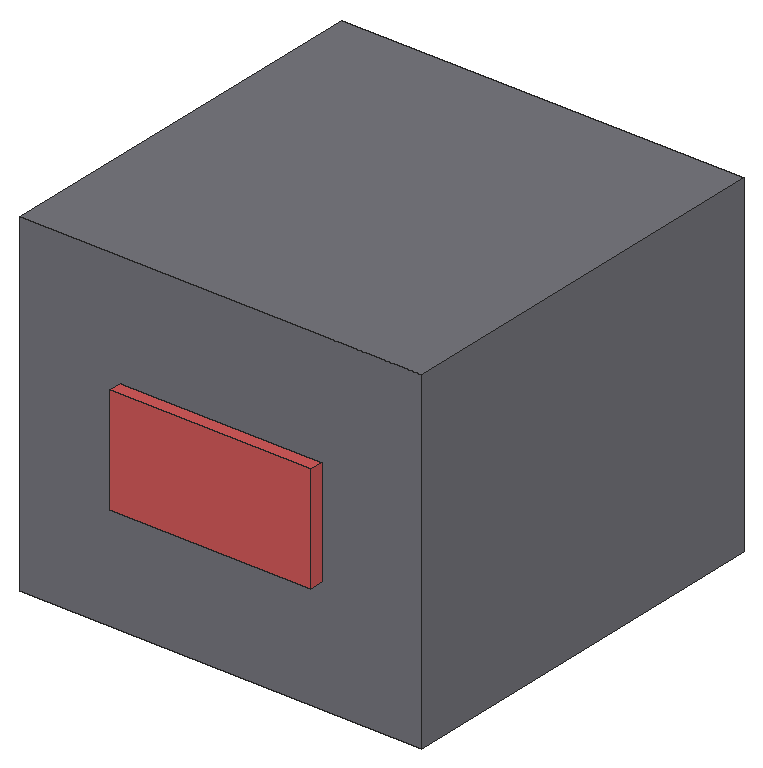
Revit family "BUS_Tee Junction Unit", category Electrical Equipment, Revit 2025
Family settings
  Panel Configuration = Two Columns, Circuits Across
  Round Connector Dimension = Use Diameter
  Part Type = Panelboard
  OmniClass Number = 23.80.30.11.17
  OmniClass Title = Distribution Boards and Control Panels
  Work Plane-Based = No
  Always vertical = Yes
  Cut with Voids When Loaded = No
  Maintain Annotation Orientation = No
  Shared = No
  Room Calculation Point = No
Parameters (values of type "1600A / 800A + 400A")
  built-in parameter 1140142 [instance] = -1
  built-in parameter 1140140 [instance] = 1 (stored number, unit not read)
  built-in parameter 1155100 [instance] = -1
  Default Elevation = 0 mm
Reference planes
  plane 1 "Center (Front/Back)": y = 0
  plane 2: z = 0
  plane 3 "Center (Left/Right)": x = 0
Forms (mm)
  Extrusion 1, solid, material "Busduct Junction - Dark"
    sketch origin (0, 0, -250) x (1, 0, 0) y (0, 1, 0)
      loop
        line (-300, -300) -> (300, -300) -> (300, 300) -> (-300, 300) -> (-300, -300)
    from 0 to 500
  Extrusion 2, solid, material "Junction Label Red"
    sketch origin (0, 0, -80) x (1, 0, 0) y (0, 1, 0)
      loop
        line (-150, -320) -> (150, -320) -> (150, -300) -> (-150, -300) -> (-150, -320)
    from 0 to 160
Dimensions and locks
  aligned and locked: level to plane 2
